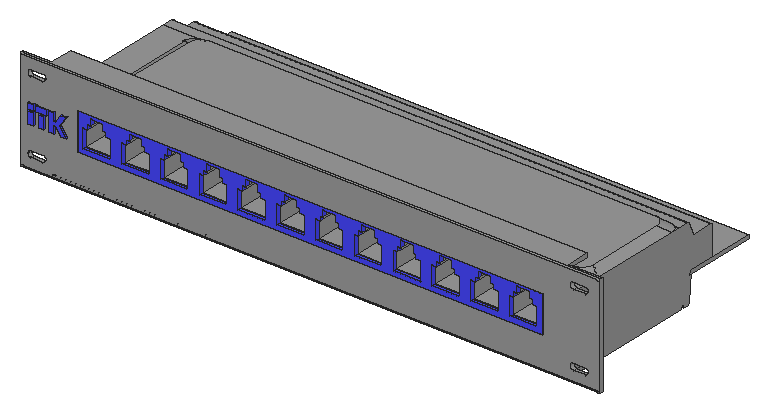
Revit family "ITK_Патч-панель_10-дюймовое крепление_12 портов_Экранированная", category Обобщенные модели, Revit 2019
Family settings
  Может служить основой для арматурных стержней = Нет
  Размер круглого соединителя = Использовать диаметр
  Тип детали = Нормальный
  На основе рабочей плоскости = Нет
  Всегда вертикально = Да
  При загрузке вырезать с полостями = Нет
  Общий = Нет
  Точка расчета площади = Нет
Parameters (values of type "PP12-1UC6AS-D05-10")
  Ширина = 254 mm  # constant formula
  Материал = Окраска - RAL 9005
  Изготовитель = "ITK"  # constant formula
  Дата изменения = ""
  Глубина = 100 mm  # constant formula
  Высота = 44.5 mm  # constant formula
  URL = "https://www.iek.ru/"
  KSI_CPr_Строительные изделия = "27.12.31.61.1.04.09-1090"  # constant formula
  KSI_CMa_Строительные материалы = "10.03.02.06"  # constant formula
  IEK_Цена за единицу = 2435.86
  IEK_Поиск в таблице имен = ""
  IEK_Описание = "Двойная понятная маркировка IDC-модулей и портов. Расширенный частотный диапазон работы. Увеличенное количество циклов включения-отключения. Совместимы со всеми 10\" шкафами и стойками ITK. Соответствие международным стандартам и ГОСТ Р."
  IEK_URL = "https://www.itk-group.ru/produktsiya/catalog/oborudovanie_telekommunikatsionnoe/komponenty_sks_mednye/patch_paneli/patch_paneli_10/patch_paneli_10_kat_6a_ekranirovanye/itk_1u_patch_panel_kat_6a_stp_12_portov_10_dual_idc"
  ADSK_Примечание = ""
  ADSK_Позиция [instance] = ""
  ADSK_Наименование = "ITK 1U патч-панель кат.6 STP 12 портов 10\" Dual IDC"
  ADSK_Материал обозначение = ""
  ADSK_Материал наименование = "Металл"  # constant formula
  ADSK_Масса = 0.82  # constant formula
  ADSK_Марка = ""  # constant formula
  ADSK_Код изделия = "PP12-1UC6AS-D05-10"
  ADSK_Завод-изготовитель = "IEK"  # constant formula
  ADSK_Единица измерения = "шт"  # constant formula
  ADSK_Группирование = "I. ЩИТЫ И ПУЛЬТЫ"  # constant formula
  ADSK_Версия семейства = "1.0"  # constant formula
  ADSK_Версия Revit = "2019"  # constant formula
  ADSK_URL страницы изделия = "https://www.itk-group.ru/produktsiya/catalog/oborudovanie_telekommunikatsionnoe/komponenty_sks_mednye/patch_paneli/patch_paneli_10/?set_filter=y&filter_987_1330857165=y&filter_3644_551235753=y"
Types (3, lengths in mm): name | IEK_Цена за единицу | IEK_URL | ADSK_Наименование | ADSK_Код изделия
  PP12-1UC5ES-D05-10 | 1927.66 | "https://www.itk-group.ru/produktsiya/catalog/oborudovanie_telekommunikatsionnoe/komponenty_sks_mednye/patch_paneli/patch_paneli_10/patch_paneli_10_kat_5e_ekranirovanye/itk_1u_patch_panel_kat_5e_stp_12_portov_10_dual_idc" | "ITK 1U патч-панель кат.5E STP 12 портов 10\" Dual IDC" | "PP12-1UC5ES-D05-10"
  PP12-1UC06S-D05-10 | 2022.82 | "https://www.itk-group.ru/produktsiya/catalog/oborudovanie_telekommunikatsionnoe/komponenty_sks_mednye/patch_paneli/patch_paneli_10/patch_paneli_10_kat_6_ekranirovanye/itk_1u_patch_panel_kat_6_stp_12_portov_10_dual_idc" | "ITK 1U патч-панель кат.6 STP 12 портов 10\" Dual IDC" | "PP12-1UC06S-D05-10"
  PP12-1UC6AS-D05-10 | 2435.86 | "https://www.itk-group.ru/produktsiya/catalog/oborudovanie_telekommunikatsionnoe/komponenty_sks_mednye/patch_paneli/patch_paneli_10/patch_paneli_10_kat_6a_ekranirovanye/itk_1u_patch_panel_kat_6a_stp_12_portov_10_dual_idc" | "ITK 1U патч-панель кат.6 STP 12 портов 10\" Dual IDC" | "PP12-1UC6AS-D05-10"
Reference planes
  plane 1 "По центру (Вперед/Назад)": y = 0
  plane 2: z = 0
  plane 3 "По центру (Влево/Вправо)": x = 0
  plane 4: z = 44.5
  plane 5: y = 11.8
  plane 6: x = 118.2
  plane 7: z = 22.25
  plane 8: z = 38.15
  plane 9: z = 6.35
  plane 10: x = -119.5
  plane 11: x = -102
  plane 12: x = 102
  plane 13: x = -127
  plane 14: x = 127
  plane 15: y = 80
  plane 16: z = 35
  plane 17: y = 100
Forms (mm)
  Extrusion 1, void
    sketch origin (0, 0, 0) x (1, 0, 0) y (0, 1, 0)
      loop
        line (-127, 11.8) -> (-127, 1.6) -> (-114.4, 1.6) -> (-114.4, 11.8) -> (-127, 11.8)
      loop
        line (127, 11.8) -> (112, 11.8) -> (112, 1.6) -> (127, 1.6) -> (127, 11.8)
    from 0 to 482.6
  Extrusion 2, solid, material "Окраска - RAL 9005" <- "Материал", detail levels fine
    sketch origin (-241.3, 0, 0) x (0, 1, 0) y (0, 0, 1)
      loop
        line (11.8, 44.5) -> (0.523, 44.5)
        arc (0.523, 44.5) -> (0.153, 44.347) -> (0, 43.977) r 0.523
        line (0, 43.977) -> (0, 0.507)
        arc (0, 0.507) -> (0.148, 0.148) -> (0.507, 0) r 0.507
        line (0.507, 0) -> (11.8, 0) -> (11.8, 1.6) -> (2.104, 1.6)
        arc (2.104, 1.6) -> (1.748, 1.748) -> (1.6, 2.104) r 0.504
        line (1.6, 2.104) -> (1.6, 42.358)
        arc (1.6, 42.358) -> (1.759, 42.741) -> (2.142, 42.9) r 0.542
        line (2.142, 42.9) -> (11.8, 42.9) -> (11.8, 44.5)
    from 114.3 to 368.3
  Extrusion 3, void
    sketch origin (0, 0, 0) x (1, 0, 0) y (0, 0, 1)
      loop
        line (120.7, 39.65) -> (115.7, 39.65)
        arc (115.7, 39.65) -> (114.2, 38.15) -> (115.7, 36.65) r 1.5
        line (115.7, 36.65) -> (120.7, 36.65)
        arc (120.7, 36.65) -> (122.2, 38.15) -> (120.7, 39.65) r 1.5
      loop
        arc (120.7, 4.85) -> (122.2, 6.35) -> (120.7, 7.85) r 1.5
        line (120.7, 7.85) -> (115.7, 7.85)
        arc (115.7, 7.85) -> (114.2, 6.35) -> (115.7, 4.85) r 1.5
        line (115.7, 4.85) -> (120.7, 4.85)
      loop
        arc (-122, 39.65) -> (-123.5, 38.15) -> (-122, 36.65) r 1.5
        line (-122, 36.65) -> (-117, 36.65)
        arc (-117, 36.65) -> (-115.5, 38.15) -> (-117, 39.65) r 1.5
        line (-117, 39.65) -> (-122, 39.65)
      loop
        line (-122, 4.85) -> (-117, 4.85)
        arc (-117, 4.85) -> (-115.5, 6.35) -> (-117, 7.85) r 1.5
        line (-117, 7.85) -> (-122, 7.85)
        arc (-122, 7.85) -> (-123.5, 6.35) -> (-122, 4.85) r 1.5
    from 0 to -2
  Extrusion 4, void
    sketch origin (0, 0, 0) x (1, 0, 0) y (0, 0, 1)
      loop
        line (-99.489, 16.366) -> (-87.431, 16.366) -> (-87.431, 24.674) -> (-89.448, 24.674) -> (-89.448, 26.55) -> (-90.692, 26.55) -> (-90.692, 29.471) -> (-96.228, 29.471) -> (-96.228, 26.55) -> (-97.473, 26.55) -> (-97.473, 24.674) -> (-99.489, 24.674) -> (-99.489, 16.366)
    from 3.3 to -15
  Extrusion 5, solid, material "Условный материал-отделка", detail levels coarse+medium
    sketch origin (0, 0, 0) x (1, 0, 0) y (0, 0, 1)
      loop
        line (-127, 44.5) -> (-127, 0) -> (127, 0) -> (127, 44.5) -> (-127, 44.5)
    from -100 to 0
  Extrusion 6, solid, material "Пластик белый", detail levels fine
    sketch origin (-229.749, 0, 18.183) x (1, 0, 0) y (0, 0, 1)
      loop
        line (106.676, 5.29) -> (106.676, 0) -> (108.988, 0) -> (108.988, 5.29) -> (106.676, 5.29)
      loop
        line (113.492, 5.29) -> (111.314, 5.29) -> (111.314, 0) -> (113.492, 0) -> (113.492, 5.29)
      loop
        line (106.676, 6.027) -> (108.988, 6.027) -> (108.988, 8.272) -> (106.676, 8.272) -> (106.676, 6.027)
      loop
        line (115.867, 8.272) -> (115.867, 0) -> (118.047, 0) -> (118.047, 3.101) -> (118.88, 3.101) -> (120.894, 0) -> (123.551, 0) -> (120.541, 4.142) -> (123.551, 8.272) -> (120.894, 8.272) -> (118.88, 5.17) -> (118.047, 5.17) -> (118.047, 8.272) -> (115.867, 8.272)
      loop
        line (110.06, 6.027) -> (114.747, 6.027) -> (114.747, 8.272) -> (110.06, 8.272) -> (110.06, 6.027)
    from 0 to 0.554
  Extrusion 7, solid, material "Окраска - RAL 9005" <- "Материал", detail levels fine
    sketch origin (0, 0, 0) x (0, 1, 0) y (0, 0, 1)
      loop
        line (2.217, 0) -> (62.953, 0)
        spline (62.953, 0) -> (63.172, 0.599) -> (63.374, 1.019) -> (63.561, 1.285) -> (63.734, 1.424) -> (63.892, 1.463) -> (64.037, 1.427) -> (64.17, 1.342) -> (64.291, 1.222) -> (64.407, 1.048) -> (64.523, 0.8) -> (64.644, 0.458) -> (64.777, 0)
        line (64.777, 0) -> (66.597, 0)
        arc (66.597, 0) -> (67.014, 0.162) -> (67.211, 0.563) r 0.616
        line (67.211, 0.563) -> (68.252, 12.458)
        arc (68.252, 12.458) -> (68.441, 12.842) -> (68.839, 12.997) r 0.59
        line (68.839, 12.997) -> (79.451, 12.997)
        arc (79.451, 12.997) -> (79.839, 13.158) -> (80, 13.546) r 0.549
        line (80, 13.546) -> (80, 25.62)
        arc (80, 25.62) -> (79.827, 26.037) -> (79.411, 26.21) r 0.589
        line (79.411, 26.21) -> (70.164, 26.21)
        arc (70.164, 26.21) -> (69.795, 26.326) -> (69.559, 26.633) r 0.644
        line (69.559, 26.633) -> (67.65, 31.878)
        arc (67.65, 31.878) -> (67.416, 32.184) -> (67.048, 32.3) r 0.641
        line (67.048, 32.3) -> (62.742, 32.3) -> (2.184, 32.3)
        arc (2.184, 32.3) -> (1.771, 32.129) -> (1.6, 31.716) r 0.584
        line (1.6, 31.716) -> (1.6, 0.617)
        arc (1.6, 0.617) -> (1.781, 0.181) -> (2.217, 0) r 0.617
    from 112 to -114.4
  Blend 8, solid, material "Окраска - RAL 9005" <- "Материал", detail levels fine
    base sketch origin (0, 0, 0) x (1, 0, 0) y (0, 1, 0)
      loop
        arc (-97, 62.953) -> (-100.536, 61.489) -> (-102, 57.953) r 5
        line (-102, 57.953) -> (-102, 16.8)
        arc (-102, 16.8) -> (-100.536, 13.264) -> (-97, 11.8) r 5
        line (-97, 11.8) -> (107, 11.8)
        arc (107, 11.8) -> (110.536, 13.264) -> (112, 16.8) r 5
        line (112, 16.8) -> (112, 57.953)
        arc (112, 57.953) -> (110.536, 61.489) -> (107, 62.953) r 5
        line (107, 62.953) -> (-97, 62.953)
    top sketch origin (0, 0, 0) x (1, 0, 0) y (0, 1, 0)
      loop
        arc (103.2, 15) -> (106.736, 16.464) -> (108.2, 20) r 5
        line (108.2, 20) -> (108.2, 54.753)
        arc (108.2, 54.753) -> (106.736, 58.289) -> (103.2, 59.753) r 5
        line (103.2, 59.753) -> (-92, 59.753)
        arc (-92, 59.753) -> (-95.536, 58.289) -> (-97, 54.753) r 5
        line (-97, 54.753) -> (-97, 20)
        arc (-97, 20) -> (-95.536, 16.464) -> (-92, 15) r 5
        line (-92, 15) -> (103.2, 15)
    from 32.3 to 35
  Extrusion 9, solid, material "Окраска - RAL 9005", detail levels fine
    sketch origin (0, 0, 11.397) x (1, 0, 0) y (0, 1, 0)
      loop
        line (-114.4, 100) -> (-114.4, 68.156) -> (112, 68.156) -> (112, 100) -> (-114.4, 100)
    from 0 to 1.6
  Extrusion 10, void
    sketch origin (0, 0, 0) x (1, 0, 0) y (0, 0, 1)
      loop
        line (-102, 30.3) -> (-102, 14.2) -> (102, 14.2) -> (102, 30.3) -> (-102, 30.3)
    from 0 to -4.917
  Extrusion 11, solid, material "Пластик белый", detail levels fine
    sketch origin (0, 0, 0) x (1, 0, 0) y (0, 0, 1)
      loop
        line (-102, 30.3) -> (-102, 14.2) -> (102, 14.2) -> (102, 30.3) -> (-102, 30.3)
    from 0 to -1.6
  Extrusion 12, void
    sketch origin (0, 0, 0) x (-1, 0, 0) y (0, 0, -1)
      loop
        line (-99.489, -16.366) -> (-99.489, -24.674) -> (-97.473, -24.674) -> (-97.473, -26.55) -> (-96.228, -26.55) -> (-96.228, -29.471) -> (-90.692, -29.471) -> (-90.692, -26.55) -> (-89.448, -26.55) -> (-89.448, -24.674) -> (-87.431, -24.674) -> (-87.431, -16.366) -> (-99.489, -16.366)
    from 3.3 to -15
  Extrusion 13, void
    sketch origin (16.993, 0, 0) x (1, 0, 0) y (0, 0, 1)
      loop
        line (-99.489, 16.366) -> (-87.431, 16.366) -> (-87.431, 24.674) -> (-89.448, 24.674) -> (-89.448, 26.55) -> (-90.692, 26.55) -> (-90.692, 29.471) -> (-96.228, 29.471) -> (-96.228, 26.55) -> (-97.473, 26.55) -> (-97.473, 24.674) -> (-99.489, 24.674) -> (-99.489, 16.366)
    from 3.3 to -15
  Extrusion 14, void
    sketch origin (33.986, 0, 0) x (1, 0, 0) y (0, 0, 1)
      loop
        line (-99.489, 16.366) -> (-87.431, 16.366) -> (-87.431, 24.674) -> (-89.448, 24.674) -> (-89.448, 26.55) -> (-90.692, 26.55) -> (-90.692, 29.471) -> (-96.228, 29.471) -> (-96.228, 26.55) -> (-97.473, 26.55) -> (-97.473, 24.674) -> (-99.489, 24.674) -> (-99.489, 16.366)
    from 3.3 to -15
  Extrusion 15, void
    sketch origin (50.978, 0, 0) x (1, 0, 0) y (0, 0, 1)
      loop
        line (-99.489, 16.366) -> (-87.431, 16.366) -> (-87.431, 24.674) -> (-89.448, 24.674) -> (-89.448, 26.55) -> (-90.692, 26.55) -> (-90.692, 29.471) -> (-96.228, 29.471) -> (-96.228, 26.55) -> (-97.473, 26.55) -> (-97.473, 24.674) -> (-99.489, 24.674) -> (-99.489, 16.366)
    from 3.3 to -15
  Extrusion 16, void
    sketch origin (67.971, 0, 0) x (1, 0, 0) y (0, 0, 1)
      loop
        line (-99.489, 16.366) -> (-87.431, 16.366) -> (-87.431, 24.674) -> (-89.448, 24.674) -> (-89.448, 26.55) -> (-90.692, 26.55) -> (-90.692, 29.471) -> (-96.228, 29.471) -> (-96.228, 26.55) -> (-97.473, 26.55) -> (-97.473, 24.674) -> (-99.489, 24.674) -> (-99.489, 16.366)
    from 3.3 to -15
  Extrusion 17, void
    sketch origin (84.964, 0, 0) x (1, 0, 0) y (0, 0, 1)
      loop
        line (-99.489, 16.366) -> (-87.431, 16.366) -> (-87.431, 24.674) -> (-89.448, 24.674) -> (-89.448, 26.55) -> (-90.692, 26.55) -> (-90.692, 29.471) -> (-96.228, 29.471) -> (-96.228, 26.55) -> (-97.473, 26.55) -> (-97.473, 24.674) -> (-99.489, 24.674) -> (-99.489, 16.366)
    from 3.3 to -15
  Extrusion 18, void
    sketch origin (101.957, 0, 0) x (1, 0, 0) y (0, 0, 1)
      loop
        line (-99.489, 16.366) -> (-87.431, 16.366) -> (-87.431, 24.674) -> (-89.448, 24.674) -> (-89.448, 26.55) -> (-90.692, 26.55) -> (-90.692, 29.471) -> (-96.228, 29.471) -> (-96.228, 26.55) -> (-97.473, 26.55) -> (-97.473, 24.674) -> (-99.489, 24.674) -> (-99.489, 16.366)
    from 3.3 to -15
  Extrusion 19, void
    sketch origin (118.949, 0, 0) x (1, 0, 0) y (0, 0, 1)
      loop
        line (-99.489, 16.366) -> (-87.431, 16.366) -> (-87.431, 24.674) -> (-89.448, 24.674) -> (-89.448, 26.55) -> (-90.692, 26.55) -> (-90.692, 29.471) -> (-96.228, 29.471) -> (-96.228, 26.55) -> (-97.473, 26.55) -> (-97.473, 24.674) -> (-99.489, 24.674) -> (-99.489, 16.366)
    from 3.3 to -15
  Extrusion 20, void
    sketch origin (135.942, 0, 0) x (1, 0, 0) y (0, 0, 1)
      loop
        line (-99.489, 16.366) -> (-87.431, 16.366) -> (-87.431, 24.674) -> (-89.448, 24.674) -> (-89.448, 26.55) -> (-90.692, 26.55) -> (-90.692, 29.471) -> (-96.228, 29.471) -> (-96.228, 26.55) -> (-97.473, 26.55) -> (-97.473, 24.674) -> (-99.489, 24.674) -> (-99.489, 16.366)
    from 3.3 to -15
  Extrusion 21, void
    sketch origin (152.935, 0, 0) x (1, 0, 0) y (0, 0, 1)
      loop
        line (-99.489, 16.366) -> (-87.431, 16.366) -> (-87.431, 24.674) -> (-89.448, 24.674) -> (-89.448, 26.55) -> (-90.692, 26.55) -> (-90.692, 29.471) -> (-96.228, 29.471) -> (-96.228, 26.55) -> (-97.473, 26.55) -> (-97.473, 24.674) -> (-99.489, 24.674) -> (-99.489, 16.366)
    from 3.3 to -15
  Extrusion 22, void
    sketch origin (169.928, 0, 0) x (1, 0, 0) y (0, 0, 1)
      loop
        line (-99.489, 16.366) -> (-87.431, 16.366) -> (-87.431, 24.674) -> (-89.448, 24.674) -> (-89.448, 26.55) -> (-90.692, 26.55) -> (-90.692, 29.471) -> (-96.228, 29.471) -> (-96.228, 26.55) -> (-97.473, 26.55) -> (-97.473, 24.674) -> (-99.489, 24.674) -> (-99.489, 16.366)
    from 3.3 to -15
Cuts and joins
  Extrusion 1, Extrusion 3, Extrusion 4, Extrusion 10 cuts Extrusion 2
  Extrusion 4, Extrusion 12, Extrusion 13, Extrusion 14, Extrusion 15, Extrusion 16, Extrusion 17, Extrusion 18, Extrusion 19, Extrusion 20, Extrusion 21, Extrusion 22 cuts Extrusion 7
  Extrusion 4, Extrusion 12, Extrusion 13, Extrusion 14, Extrusion 15, Extrusion 16, Extrusion 17, Extrusion 18, Extrusion 19, Extrusion 20, Extrusion 21, Extrusion 22 cuts Extrusion 11
Dimensions and locks
  plane 4 to level = 44.5 mm
  plane 5 to plane 1 "По центру (Вперед/Назад)" = 11.8 mm
  equal spacing: plane 13, plane 3 "По центру (Влево/Вправо)", plane 14
  "Ширина": plane 13 to plane 14
  "Высота": plane 4 to level
  plane 14 to plane 3 "По центру (Влево/Вправо)" to plane 13 = 127 mm, 127 mm
  plane 13 to plane 10 to plane 11 = 7.5 mm locked, 17.5 mm locked
  plane 12 to plane 6 to plane 14 = 16.2 mm locked, 8.8 mm locked
  plane 15 to plane 1 "По центру (Вперед/Назад)" = 80 mm
  plane 16 to level = 35 mm
  plane 17 to plane 15 = 20 mm
  aligned and locked: level to plane 2
  aligned and locked: plane 13 to Extrusion 5
  aligned and locked: cut or joined group of Extrusion 1, Extrusion 2, Extrusion 3, Extrusion 4, Extrusion 10 to plane 13
  aligned and locked: plane 14 to cut or joined group of Extrusion 1, Extrusion 2, Extrusion 3, Extrusion 4, Extrusion 10
  aligned and locked: Extrusion 1 to Extrusion 2
  aligned and locked: Extrusion 7 to cut or joined group of Extrusion 1, Extrusion 2, Extrusion 3, Extrusion 4, Extrusion 10  (x2)
Automatic sketch dimensions
  Extrusion 1 sketch curve to plane 13 = 0 mm
  plane 5 to Extrusion 1 sketch curve = 0 mm  (x2)
  Extrusion 1 sketch curve to plane 14 = 0 mm
  Extrusion 1 sketch curve to plane 1 "По центру (Вперед/Назад)" = 1.6 mm  (x2)
  plane 10 to Extrusion 1 sketch curve = 5.1 mm
  Extrusion 1 sketch curve to plane 6 = 6.2 mm
  Extrusion 2 sketch curve to plane 1 "По центру (Вперед/Назад)" = 0 mm
  Extrusion 2 sketch curve to level = 0 mm
  Extrusion 2 sketch curve to plane 4 = 0 mm
  Extrusion 2 sketch curve to plane 5 = 0 mm  (x2)
  level to Extrusion 2 sketch curve = 0.507 mm
  Extrusion 2 sketch curve to Extrusion 2 sketch curve = 0.523 mm
  Extrusion 2 sketch curve to plane 1 "По центру (Вперед/Назад)" = 1.6 mm
  Extrusion 2 sketch curve to Extrusion 2 sketch curve = 0.504 mm
  Extrusion 2 sketch curve to Extrusion 2 sketch curve = 0.542 mm
  level to Extrusion 2 sketch curve = 1.6 mm
  Extrusion 2 sketch curve to plane 4 = 2.142 mm
  Extrusion 3 sketch curve to plane 9 = 0 mm  (x2)
  Extrusion 3 sketch curve to plane 8 = 0 mm  (x2)
  Extrusion 3 sketch curve to plane 10 = 2.5 mm  (x2)
  plane 10 to Extrusion 3 sketch curve = 2.5 mm  (x2)
  Extrusion 3 sketch curve to plane 6 = 2.5 mm  (x2)
  plane 6 to Extrusion 3 sketch curve = 2.5 mm  (x2)
  Extrusion 3 sketch curve to plane 9 = 1.5 mm
  Extrusion 3 sketch curve to Extrusion 3 sketch curve = 1.5 mm  (x2)
  Extrusion 3 sketch curve to plane 8 = 1.5 mm
  Extrusion 4 sketch curve to Extrusion 4 sketch curve = 2.017 mm  (x2)
  Extrusion 4 sketch curve to Extrusion 4 sketch curve = 1.244 mm  (x2)
  Extrusion 4 sketch curve to Extrusion 4 sketch curve = 5.536 mm
  Extrusion 4 sketch curve to Extrusion 4 sketch curve = 1.876 mm  (x2)
  Extrusion 4 sketch curve to Extrusion 4 sketch curve = 2.921 mm
  Extrusion 5 sketch curve to level = 0 mm
  Extrusion 5 sketch curve to plane 13 = 0 mm
  Extrusion 5 sketch curve to plane 14 = 0 mm
  Extrusion 5 sketch curve to plane 4 = 0 mm
  plane 7 to Extrusion 6 sketch curve = 1.223 mm  (x2)
  Extrusion 6 sketch curve to plane 10 = 3.574 mm
  Extrusion 6 sketch curve to Extrusion 6 sketch curve = 0 mm  (x5)
  Extrusion 6 sketch curve to plane 10 = 1.261 mm
  Extrusion 6 sketch curve to plane 10 = 0.19 mm
  plane 10 to Extrusion 6 sketch curve = 1.065 mm
  Extrusion 6 sketch curve to Extrusion 6 sketch curve = 2.178 mm
  Extrusion 6 sketch curve to Extrusion 6 sketch curve = 1.255 mm
  Extrusion 6 sketch curve to Extrusion 6 sketch curve = 1.12 mm
  Extrusion 6 sketch curve to Extrusion 6 sketch curve = 2.18 mm  (x2)
  Extrusion 6 sketch curve to Extrusion 6 sketch curve = 0.834 mm  (x2)
  Extrusion 6 sketch curve to plane 7 = 0.965 mm
  plane 7 to Extrusion 6 sketch curve = 0.076 mm
  Extrusion 6 sketch curve to Extrusion 6 sketch curve = 1.661 mm
  Extrusion 6 sketch curve to Extrusion 6 sketch curve = 2.848 mm  (x2)
  Extrusion 6 sketch curve to Extrusion 6 sketch curve = 2.656 mm  (x2)
  Extrusion 6 sketch curve to plane 7 = 4.067 mm  (x2)
  plane 7 to Extrusion 6 sketch curve = 1.104 mm
  Extrusion 6 sketch curve to Extrusion 6 sketch curve = 0.737 mm  (x2)
  Extrusion 6 sketch curve to Extrusion 6 sketch curve = 3.101 mm
  Extrusion 6 sketch curve to Extrusion 6 sketch curve = 2.244 mm  (x2)
  Extrusion 7 sketch curve to level = 0 mm
  Extrusion 7 sketch curve to plane 15 = 0 mm
  Extrusion 7 sketch curve to Extrusion 7 sketch curve = 0.549 mm
  Extrusion 7 sketch curve to Extrusion 7 sketch curve = 0.589 mm
  plane 7 to Extrusion 7 sketch curve = 3.96 mm
  Extrusion 7 sketch curve to Extrusion 7 sketch curve = 9.247 mm
  plane 7 to Extrusion 7 sketch curve = 4.383 mm
  Extrusion 7 sketch curve to Extrusion 7 sketch curve = 0.605 mm
  Extrusion 7 sketch curve to Extrusion 7 sketch curve = 10.612 mm
  plane 9 to Extrusion 7 sketch curve = 6.108 mm
  Extrusion 7 sketch curve to Extrusion 7 sketch curve = 0.588 mm
  Extrusion 7 sketch curve to plane 16 = 3.122 mm
  Extrusion 7 sketch curve to Extrusion 7 sketch curve = 1.909 mm
  level to Extrusion 7 sketch curve = 0.563 mm
  Extrusion 7 sketch curve to Extrusion 7 sketch curve = 1.041 mm
  Extrusion 7 sketch curve to Extrusion 7 sketch curve = 0.602 mm
  level to Extrusion 7 sketch curve = 0.616 mm
  Extrusion 7 sketch curve to Extrusion 7 sketch curve = 1.821 mm
  Extrusion 7 sketch curve to Extrusion 7 sketch curve = 1.824 mm
  Extrusion 7 sketch curve to Extrusion 7 sketch curve = 4.306 mm
  level to Extrusion 7 sketch curve = 0.617 mm
  Extrusion 7 sketch curve to plane 1 "По центру (Вперед/Назад)" = 2.217 mm
  Extrusion 7 sketch curve to Extrusion 7 sketch curve = 0.584 mm
  Extrusion 7 sketch curve to Extrusion 7 sketch curve = 0.051 mm
  Extrusion 7 sketch curve to Extrusion 7 sketch curve = 0.219 mm
  Blend 8 sketch curve to plane 11 = 0 mm
  plane 5 to Blend 8 sketch curve = 0 mm
  plane 11 to Blend 8 sketch curve = 5 mm  (x3)
  Blend 8 sketch curve to plane 12 = 5 mm  (x2)
  Blend 8 sketch curve to Blend 8 sketch curve = 5 mm  (x4)
  plane 15 to Blend 8 sketch curve = 22.047 mm
  Blend 8 sketch curve to plane 5 = 3.2 mm
  Blend 8 sketch curve to plane 12 = 1.2 mm  (x2)
  plane 15 to Blend 8 sketch curve = 25.247 mm
  plane 17 to Extrusion 9 sketch curve = 0 mm
  plane 10 to Extrusion 9 sketch curve = 5.1 mm
  Extrusion 9 sketch curve to plane 6 = 6.2 mm
  plane 15 to Extrusion 9 sketch curve = 11.844 mm
  Extrusion 10 sketch curve to plane 11 = 0 mm
  plane 12 to Extrusion 10 sketch curve = 0 mm
  plane 9 to Extrusion 10 sketch curve = 7.85 mm
  Extrusion 10 sketch curve to plane 16 = 4.7 mm
  Extrusion 11 sketch curve to plane 11 = 0 mm
  plane 12 to Extrusion 11 sketch curve = 0 mm
  plane 9 to Extrusion 11 sketch curve = 7.85 mm
  Extrusion 11 sketch curve to plane 16 = 4.7 mm
  Extrusion 12 sketch curve to plane 12 = 2.511 mm
  Extrusion 12 sketch curve to Extrusion 12 sketch curve = 2.017 mm  (x2)
  Extrusion 12 sketch curve to Extrusion 12 sketch curve = 1.244 mm  (x2)
  Extrusion 12 sketch curve to Extrusion 12 sketch curve = 5.536 mm
  plane 7 to Extrusion 12 sketch curve = 5.884 mm
  Extrusion 12 sketch curve to plane 7 = 2.424 mm  (x2)
  Extrusion 12 sketch curve to Extrusion 12 sketch curve = 1.876 mm  (x2)
  Extrusion 12 sketch curve to Extrusion 12 sketch curve = 2.921 mm
  Extrusion 4 sketch curve to Extrusion 4 sketch curve = 8.309 mm  (x2)
  Extrusion 13 sketch curve to Extrusion 13 sketch curve = 2.017 mm  (x2)
  Extrusion 13 sketch curve to Extrusion 13 sketch curve = 1.244 mm  (x2)
  Extrusion 13 sketch curve to Extrusion 13 sketch curve = 5.536 mm
  Extrusion 13 sketch curve to Extrusion 13 sketch curve = 1.876 mm  (x2)
  Extrusion 13 sketch curve to Extrusion 13 sketch curve = 2.921 mm
  Extrusion 13 sketch curve to Extrusion 13 sketch curve = 8.309 mm  (x2)
  Extrusion 14 sketch curve to Extrusion 14 sketch curve = 2.017 mm  (x2)
  Extrusion 14 sketch curve to Extrusion 14 sketch curve = 1.244 mm  (x2)
  Extrusion 14 sketch curve to Extrusion 14 sketch curve = 5.536 mm
  Extrusion 14 sketch curve to Extrusion 14 sketch curve = 1.876 mm  (x2)
  Extrusion 14 sketch curve to Extrusion 14 sketch curve = 2.921 mm
  Extrusion 14 sketch curve to Extrusion 14 sketch curve = 8.309 mm  (x2)
  Extrusion 15 sketch curve to Extrusion 15 sketch curve = 2.017 mm  (x2)
  Extrusion 15 sketch curve to Extrusion 15 sketch curve = 1.244 mm  (x2)
  Extrusion 15 sketch curve to Extrusion 15 sketch curve = 5.536 mm
  Extrusion 15 sketch curve to Extrusion 15 sketch curve = 1.876 mm  (x2)
  Extrusion 15 sketch curve to Extrusion 15 sketch curve = 2.921 mm
  Extrusion 15 sketch curve to Extrusion 15 sketch curve = 8.309 mm  (x2)
  Extrusion 16 sketch curve to Extrusion 16 sketch curve = 2.017 mm  (x2)
  Extrusion 16 sketch curve to Extrusion 16 sketch curve = 1.244 mm  (x2)
  Extrusion 16 sketch curve to Extrusion 16 sketch curve = 5.536 mm
  Extrusion 16 sketch curve to Extrusion 16 sketch curve = 1.876 mm  (x2)
  Extrusion 16 sketch curve to Extrusion 16 sketch curve = 2.921 mm
  Extrusion 16 sketch curve to Extrusion 16 sketch curve = 8.309 mm  (x2)
  Extrusion 17 sketch curve to Extrusion 17 sketch curve = 2.017 mm  (x2)
  Extrusion 17 sketch curve to Extrusion 17 sketch curve = 1.244 mm  (x2)
  Extrusion 17 sketch curve to Extrusion 17 sketch curve = 5.536 mm
  Extrusion 17 sketch curve to Extrusion 17 sketch curve = 1.876 mm  (x2)
  Extrusion 17 sketch curve to Extrusion 17 sketch curve = 2.921 mm
  Extrusion 17 sketch curve to Extrusion 17 sketch curve = 8.309 mm  (x2)
  Extrusion 18 sketch curve to Extrusion 18 sketch curve = 2.017 mm  (x2)
  Extrusion 18 sketch curve to Extrusion 18 sketch curve = 1.244 mm  (x2)
  Extrusion 18 sketch curve to Extrusion 18 sketch curve = 5.536 mm
  Extrusion 18 sketch curve to Extrusion 18 sketch curve = 1.876 mm  (x2)
  Extrusion 18 sketch curve to Extrusion 18 sketch curve = 2.921 mm
  Extrusion 18 sketch curve to Extrusion 18 sketch curve = 8.309 mm  (x2)
  Extrusion 19 sketch curve to Extrusion 19 sketch curve = 2.017 mm  (x2)
  Extrusion 19 sketch curve to Extrusion 19 sketch curve = 1.244 mm  (x2)
  Extrusion 19 sketch curve to Extrusion 19 sketch curve = 5.536 mm
  Extrusion 19 sketch curve to Extrusion 19 sketch curve = 1.876 mm  (x2)
  Extrusion 19 sketch curve to Extrusion 19 sketch curve = 2.921 mm
  Extrusion 19 sketch curve to Extrusion 19 sketch curve = 8.309 mm  (x2)
  Extrusion 20 sketch curve to Extrusion 20 sketch curve = 2.017 mm  (x2)
  Extrusion 20 sketch curve to Extrusion 20 sketch curve = 1.244 mm  (x2)
  Extrusion 20 sketch curve to Extrusion 20 sketch curve = 5.536 mm
  Extrusion 20 sketch curve to Extrusion 20 sketch curve = 1.876 mm  (x2)
  Extrusion 20 sketch curve to Extrusion 20 sketch curve = 2.921 mm
  Extrusion 20 sketch curve to Extrusion 20 sketch curve = 8.309 mm  (x2)
  Extrusion 21 sketch curve to Extrusion 21 sketch curve = 2.017 mm  (x2)
  Extrusion 21 sketch curve to Extrusion 21 sketch curve = 1.244 mm  (x2)
  Extrusion 21 sketch curve to Extrusion 21 sketch curve = 5.536 mm
  Extrusion 21 sketch curve to Extrusion 21 sketch curve = 1.876 mm  (x2)
  Extrusion 21 sketch curve to Extrusion 21 sketch curve = 2.921 mm
  Extrusion 21 sketch curve to Extrusion 21 sketch curve = 8.309 mm  (x2)
  Extrusion 22 sketch curve to Extrusion 22 sketch curve = 2.017 mm  (x2)
  Extrusion 22 sketch curve to Extrusion 22 sketch curve = 1.244 mm  (x2)
  Extrusion 22 sketch curve to Extrusion 22 sketch curve = 5.536 mm
  Extrusion 22 sketch curve to Extrusion 22 sketch curve = 1.876 mm  (x2)
  Extrusion 22 sketch curve to Extrusion 22 sketch curve = 2.921 mm
  Extrusion 22 sketch curve to Extrusion 22 sketch curve = 8.309 mm  (x2)
  plane 11 to Extrusion 4 sketch curve = 2.511 mm
  Extrusion 4 sketch curve to plane 7 = 5.884 mm
  Extrusion 13 sketch curve to plane 7 = 5.884 mm
  plane 11 to Extrusion 13 sketch curve = 19.503 mm
  Extrusion 14 sketch curve to plane 7 = 5.884 mm
  plane 11 to Extrusion 14 sketch curve = 36.496 mm
  Extrusion 15 sketch curve to plane 7 = 5.884 mm
  Extrusion 15 sketch curve to plane 3 "По центру (Влево/Вправо)" = 48.511 mm
  Extrusion 16 sketch curve to plane 7 = 5.884 mm
  Extrusion 16 sketch curve to plane 3 "По центру (Влево/Вправо)" = 31.518 mm
  Extrusion 17 sketch curve to plane 7 = 5.884 mm
  Extrusion 17 sketch curve to plane 3 "По центру (Влево/Вправо)" = 14.526 mm
  plane 3 "По центру (Влево/Вправо)" to Extrusion 18 sketch curve = 2.467 mm
  Extrusion 18 sketch curve to plane 7 = 5.884 mm
  Extrusion 19 sketch curve to plane 7 = 5.884 mm
  plane 3 "По центру (Влево/Вправо)" to Extrusion 19 sketch curve = 19.46 mm
  Extrusion 20 sketch curve to plane 7 = 5.884 mm
  plane 3 "По центру (Влево/Вправо)" to Extrusion 20 sketch curve = 36.453 mm
  Extrusion 21 sketch curve to plane 7 = 5.884 mm
  plane 12 to Extrusion 21 sketch curve = 48.554 mm
  Extrusion 22 sketch curve to plane 7 = 5.884 mm
  plane 12 to Extrusion 22 sketch curve = 31.562 mm
